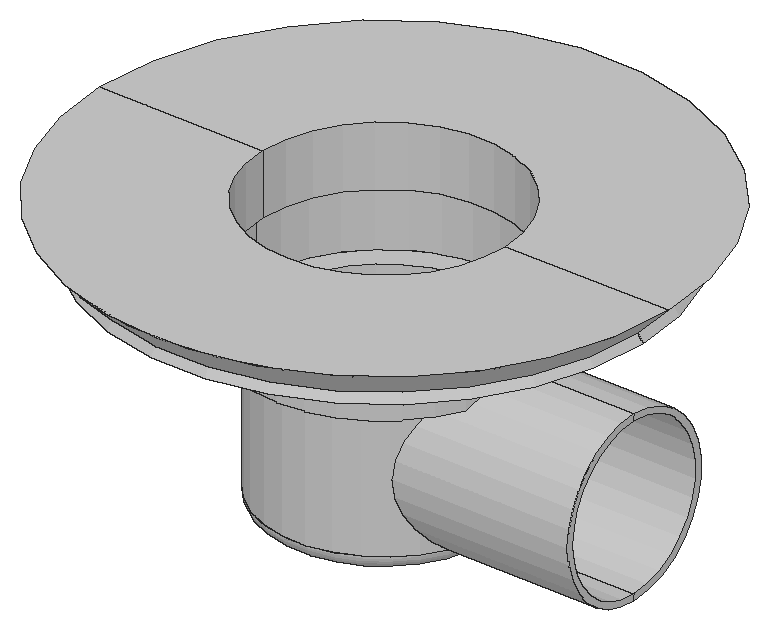
Revit family "PX_SEQ_Side-Outlet-75mm_PC097745", category Plumbing Fixtures, Revit 2016
Family settings
  Part Type = Normal
  Round Connector Dimension = Use Diameter
  Work Plane-Based = No
  Always vertical = Yes
  Cut with Voids When Loaded = No
  Shared = No
  Room Calculation Point = No
Parameters (values of type "Wetfloor Drain 75mm Side Outlet")
  URL for TCP = "http://www.tcpbim.co.za"
  URL = "https://seaqual.co.za/collections/internal-floor-drains/products/wetfloor-1st-fix-75mm-side-outlet"
  Type Comments = "Wetfloor 75mm Side Outlet"
  Plastic = Plastic
  Model = "097745"
  Manufacturer = "Seaqual"
  Made by = "Tolani Civil Projects cc"
  ASAQS Code = "6.603.10"
Reference planes
  plane 1 "Center (Front/Back)": y = 0
  plane 2: z = 0
  plane 3 "Center (Left/Right)": x = 0
  plane 4: x = -125
  plane 5: z = 20.125
  plane 6: z = 19.125
  plane 7: z = 8.125
  plane 8: x = -65
  plane 9: z = -36.875
  plane 10: x = -62
  plane 11: z = -109.875
  plane 12: x = -50
  plane 13: z = -106.875
  plane 14: x = -47
  plane 15: z = -33.875
  plane 16: x = -121
  plane 17: x = -59
  plane 18: x = -44
  plane 19: z = -5
  plane 20: z = -72.375
  plane 21: z = -34.875
  plane 22: z = -37.875
  plane 23: x = 121
  plane 24: z = -112.981
  plane 25: z = -109.981
Forms (mm)
  Revolve 1, solid, material "Plastic" <- "Plastic"
    sketch origin (0, 0, 0) x (1, 0, 0) y (0, 0, 1)
      loop
        line (-125, 0) -> (-62, 0) -> (-62, -6.75) -> (-65, -6.75) -> (-65, -40.75) -> (-54, -40.75) -> (-54, -105.961)
        arc (-54, -105.961) -> (-51.975, -110.85) -> (-47.086, -112.875) r 6.914
        line (-47.086, -112.875) -> (0, -112.875) -> (0, -109.875) -> (-45.875, -109.875)
        arc (-45.875, -109.875) -> (-49.411, -108.411) -> (-50.875, -104.875) r 5
        line (-50.875, -104.875) -> (-50.875, -37.75) -> (-62, -37.75) -> (-62, -10.063) -> (-59, -10.063) -> (-59, 19.125) -> (-137.816, 19.125) -> (-122.691, 4) -> (-125, 0)
      axis (0, 19.125) -> (0, -112.875)
    angle from 0 to 360
  Revolve 2, solid, material "Plastic" <- "Plastic"
    sketch origin (0, 0, 0) x (1, 0, 0) y (0, 0, 1)
      loop
        line (0, -109.875) -> (0, -112.875) -> (121, -112.875) -> (121, -109.875) -> (0, -109.875)
      axis (0, -72.375) -> (121, -72.375)
    angle from 0 to 360
  Extrusion 3, void
    sketch origin (0, 0, 0) x (0, 1, 0) y (0, 0, 1)
      loop
        circle (0, -72.375) r 37.5
    from 0 to 121
Cuts and joins
  Extrusion 3 cuts Revolve 1
  joined: Revolve 1, Revolve 2
Dimensions and locks
  locked: plane 3 "Center (Left/Right)" to plane 4 at 125
  locked: plane 10 to plane 8 at 3
  locked: plane 14 to plane 12 at 3
  plane 3 "Center (Left/Right)" to plane 14 to plane 10 to plane 4 = 47 mm, 15 mm, 63 mm
  plane 5 to plane 6 to level = 1 mm locked, 19.125 mm
  locked: plane 5 to plane 7 at 12
  locked: plane 7 to plane 15 at 42
  locked: plane 13 to plane 11 at 3
  locked: plane 15 to plane 9 at 3
  locked: plane 9 to plane 11 at 73
  locked: plane 16 to plane 4 at 4
  locked: plane 23 to plane 3 "Center (Left/Right)" at 121
  locked: plane 21 to plane 22 at 3
  plane 13 to plane 11 = 3 mm
  plane 21 to plane 20 to plane 11 = 37.5 mm locked, 37.5 mm locked
  plane 7 to cut or joined group of Revolve 1, Revolve 2, Extrusion 3 = 48.875 mm
  plane 7 to Revolve 1 sketch curve = 18.188 mm
  Revolve 1 sketch curve to Revolve 1 sketch curve = 72.125 mm
  aligned and locked: level to plane 2
  aligned and locked: plane 4 to Revolve 1 sketch curve
  aligned and locked: plane 6 to Revolve 1 sketch curve
  aligned and locked: Revolve 1 sketch curve to plane 6
  aligned and locked: Revolve 1 sketch curve to plane 2
  aligned and locked: Revolve 1 sketch curve to plane 17
  aligned and locked: Revolve 1 sketch curve to plane 10  (x2)
  aligned and locked: Revolve 1 sketch curve to plane 8
  aligned and locked: Revolve 1 sketch curve to plane 3 "Center (Left/Right)"
  aligned and locked: Revolve 2 sketch curve to plane 23
  aligned and locked: Revolve 2 sketch curve to plane 20
  aligned and locked: Extrusion 3 sketch curve to Revolve 2  (x2)
  aligned and locked: Extrusion 3 to Revolve 2  (x2)
  aligned and locked: plane 3 "Center (Left/Right)" to cut or joined group of Revolve 1, Revolve 2, Extrusion 3
Connectors
  piping at (121, 0, -72.375), diameter 75
    settings: on cut or joined group of Revolve 1, Revolve 2, Extrusion 3, index 1, connector inside diameter 609.6 mm, connector length 0 mm, flow factor 0, pipe flow 0.0 L/s, pressure drop 0.0 Pa, fitting loss kfactor 0, connector angle 0.00°, fixture units 0, engagement length 0 mm, angle of deflection 0.00°, flow configuration 0, flow direction 0, fitting loss method 0, system type 16, joint type 0, gender type 0, connector reference index -1, connector utility 0, adjustable connector no, is connector primary yes, connector description ""
